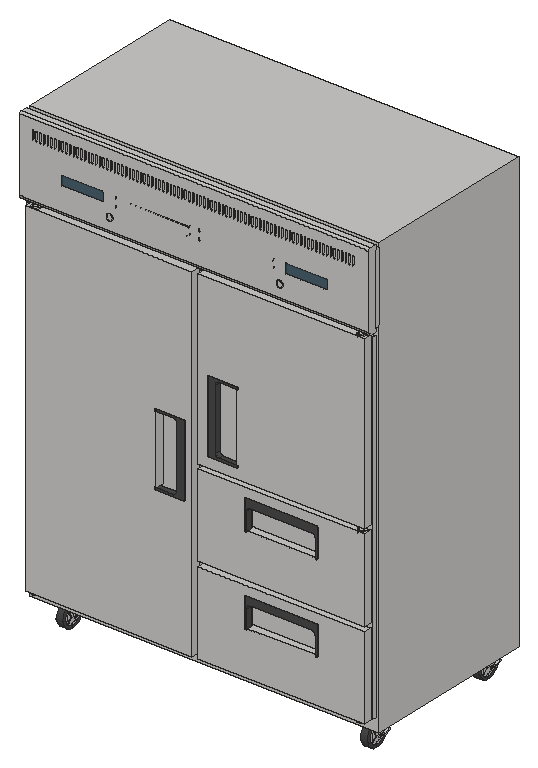
Revit family "QF_EVEREST_ESWQ2D2", category Specialty Equipment, Revit 2015 (continued)
Definition of nested family "5 INCHES 01_CASTER"
  Parameters (values of type "5 INCHES 01_CASTER")
    Weight = ""
    URL Manufacturer = ""
    URL Cutsheet = ""
    URL = ""
    Type Mark [instance] = ""
    Specification by User [instance] = ""
    Specification by Manufacturer = ""
    Show 5" Casters [instance] = yes
    Serial Number = ""
    Seismic Rating = ""
    SMACNA No = ""
    Revision Code [instance] = ""
    Omniclass Number and Title = ""
    NAFEM Spec ID Number = ""
    Model = ""
    MasterSpec. = ""
    Manufacturer = ""
    Key Locks [instance] = yes
    Item Number [instance] = ""
    Installed By [instance] = ""
    Identify Quantity as Lot [instance] = yes
    Furnished By [instance] = ""
    Foodservice Equipment Identifier [instance] = yes
    Description = ""
    CSI MasterFormat = ""
    CSI Master Format = ""
    Assembly Code = ""
  Reference planes
    plane 1: z = 0
    plane 2 "RIGHT": x = 0
    plane 3 "FRONT": y = 0
    plane 4 "TOP": z = 125
  Forms (mm)
    Revolve 1, solid, visible <- "Show 5" Casters"
      sketch origin (-49.224, 25.364, -25.504) x (1, 0, 0) y (0, 0, 1)
        loop
          line (18.81, 76.304) -> (18.81, 74.386) -> (20.08, 73.116) -> (21.604, 73.116) -> (21.604, 70.067) -> (31.369, 70.067) -> (31.369, 65.181) -> (34.939, 63.12) -> (37.88, 44.951) -> (34.131, 44.951) -> (34.131, 38.998) -> (34.925, 38.998) -> (34.925, 25.504) -> (63.103, 25.504) -> (63.103, 38.998) -> (63.897, 38.998) -> (63.897, 44.951) -> (60.148, 44.951) -> (63.103, 63.209) -> (66.659, 65.262) -> (66.659, 70.067) -> (77.218, 70.067) -> (77.218, 73.116) -> (78.742, 73.116) -> (80.012, 74.386) -> (80.012, 76.304) -> (18.81, 76.304)
        axis (18.81, 76.304) -> (80.012, 76.304)
      angle from 0 to 360
    Extrusion 2, solid, visible <- "Show 5" Casters"
      sketch origin (-49.224, 49.87, -19.154) x (0, 1, 0) y (0, 0, 1)
        loop
          line (-85.786, 135.49) -> (-85.786, 125.149) -> (-63.321, 125.149)
          arc (-63.321, 125.149) -> (-37.391, 124.905) -> (-11.779, 120.85) r 175.807
          arc (-11.779, 120.85) -> (3.607, 115.163) -> (17.14, 105.894) r 66.729
          line (17.14, 105.894) -> (20.005, 109.985)
          arc (20.005, 109.985) -> (12.217, 116.012) -> (3.375, 120.348) r 48.686
          line (3.375, 120.348) -> (5.384, 123.823)
          arc (5.384, 123.823) -> (-4.003, 127.534) -> (-13.953, 129.229) r 48.686
          line (-13.953, 129.229) -> (-13.953, 135.49) -> (-85.786, 135.49)
      from 29.809 to 68.639
    Revolve 3, solid, visible <- "Show 5" Casters"
      sketch origin (0, 54.748, -31.75) x (0, 1, 0) y (0, 0, 1)
        loop
          line (-56.335, 156.75) -> (-56.335, 148.085) -> (-26.871, 148.085) -> (-26.871, 156.75) -> (-56.335, 156.75)
        axis (-56.335, 148.085) -> (-56.335, 156.75)
      angle from 0 to 360
    Extrusion 4, solid, visible <- "Show 5" Casters"
      sketch origin (-50.414, 49.87, -19.154) x (0, 1, 0) y (0, 0, 1)
        loop
          line (-85.786, 135.49) -> (-85.786, 125.149) -> (-79.594, 125.149)
          arc (-79.594, 125.149) -> (-54.006, 99.703) -> (-39.582, 66.626) r 96.297
          arc (-39.582, 66.626) -> (-20.695, 54.419) -> (-8.07, 73.029) r 16.082
          arc (-8.07, 73.029) -> (-0.57, 93.403) -> (17.434, 105.537) r 35.307
          line (17.434, 105.537) -> (20.005, 109.985)
          arc (20.005, 109.985) -> (12.217, 116.012) -> (3.375, 120.348) r 48.686
          line (3.375, 120.348) -> (5.384, 123.823)
          arc (5.384, 123.823) -> (-4.003, 127.534) -> (-13.953, 129.229) r 48.686
          line (-13.953, 129.229) -> (-13.953, 135.49) -> (-85.786, 135.49)
      from 69.829 to 73.87
    Extrusion 5, solid, visible <- "Show 5" Casters"
      sketch origin (50.414, 49.87, -19.154) x (0, 1, 0) y (0, 0, -1)
        loop
          line (-85.786, -135.49) -> (-13.953, -135.49) -> (-13.953, -129.229)
          arc (-13.953, -129.229) -> (-4.003, -127.534) -> (5.384, -123.823) r 48.686
          line (5.384, -123.823) -> (3.375, -120.348)
          arc (3.375, -120.348) -> (12.217, -116.012) -> (20.005, -109.985) r 48.686
          line (20.005, -109.985) -> (17.434, -105.537)
          arc (17.434, -105.537) -> (-0.57, -93.403) -> (-8.07, -73.029) r 35.307
          arc (-8.07, -73.029) -> (-20.695, -54.419) -> (-39.582, -66.626) r 16.082
          arc (-39.582, -66.626) -> (-54.006, -99.703) -> (-79.594, -125.149) r 96.297
          line (-79.594, -125.149) -> (-85.786, -125.149) -> (-85.786, -135.49)
      from 69.829 to 73.87
    Extrusion 6, solid, visible <- "Key Locks"
      sketch origin (-24.606, 52.001, -14.628) x (0, 1, 0) y (0, 0, -1)
        loop
          line (-65.658, -51.806) -> (-48.06, -61.966) -> (-38.931, -67.237)
          arc (-38.931, -67.237) -> (-36.934, -70.238) -> (-35.227, -73.414) r 38.511
          arc (-35.227, -73.414) -> (-28.855, -79.511) -> (-20.232, -81.358) r 16.169
          arc (-20.232, -81.358) -> (-17.043, -81.321) -> (-13.877, -81.702) r 24.356
          line (-13.877, -81.702) -> (5.921, -93.132) -> (10.917, -84.478)
          arc (10.917, -84.478) -> (11.804, -78.832) -> (8.674, -74.049) r 7.95
          line (8.674, -74.049) -> (5.356, -77.367)
          arc (5.356, -77.367) -> (6.116, -79.837) -> (3.628, -80.537) r 1.806
          line (3.628, -80.537) -> (-13.41, -70.697)
          arc (-13.41, -70.697) -> (-15.803, -63.781) -> (-9.299, -60.428) r 5.588
          arc (-9.299, -60.428) -> (-8.725, -59.868) -> (-8.601, -59.076) r 1.27
          arc (-8.601, -59.076) -> (-12.712, -53.586) -> (-19.178, -51.298) r 11.834
          line (-19.178, -51.298) -> (-37.992, -51.298)
          arc (-37.992, -51.298) -> (-40.049, -51.027) -> (-41.967, -50.233) r 7.95
          line (-41.967, -50.233) -> (-52.169, -44.343)
          arc (-52.169, -44.343) -> (-58.202, -43.549) -> (-63.029, -47.253) r 7.95
          line (-63.029, -47.253) -> (-65.658, -51.806)
      from 0 to 1.588
    Extrusion 7, solid, visible <- "Key Locks"
      sketch origin (-24.606, 52.001, -14.628) x (0, 1, 0) y (0, 0, -1)
        loop
          line (-11.606, -67.574) -> (11.954, -81.173)
          arc (11.954, -81.173) -> (11.253, -77.179) -> (8.674, -74.049) r 7.95
          line (8.674, -74.049) -> (-9.311, -64.367)
          arc (-9.311, -64.367) -> (-12.227, -64.705) -> (-11.606, -67.574) r 1.981
      from 0 to 12.7
    Extrusion 8, solid, visible <- "Key Locks"
      sketch origin (24.606, 52.001, -14.628) x (0, 1, 0) y (0, 0, 1)
        loop
          line (-65.658, 51.806) -> (-63.029, 47.253)
          arc (-63.029, 47.253) -> (-58.202, 43.549) -> (-52.169, 44.343) r 7.95
          line (-52.169, 44.343) -> (-41.967, 50.233)
          arc (-41.967, 50.233) -> (-40.049, 51.027) -> (-37.992, 51.298) r 7.95
          line (-37.992, 51.298) -> (-19.178, 51.298)
          arc (-19.178, 51.298) -> (-12.712, 53.586) -> (-8.601, 59.076) r 11.834
          arc (-8.601, 59.076) -> (-8.725, 59.868) -> (-9.299, 60.428) r 1.27
          arc (-9.299, 60.428) -> (-15.803, 63.781) -> (-13.41, 70.697) r 5.588
          line (-13.41, 70.697) -> (3.628, 80.537)
          arc (3.628, 80.537) -> (6.116, 79.837) -> (5.356, 77.367) r 1.806
          line (5.356, 77.367) -> (8.674, 74.049)
          arc (8.674, 74.049) -> (11.804, 78.832) -> (10.917, 84.478) r 7.95
          line (10.917, 84.478) -> (5.921, 93.132) -> (-13.877, 81.702)
          arc (-13.877, 81.702) -> (-17.043, 81.321) -> (-20.232, 81.358) r 24.356
          arc (-20.232, 81.358) -> (-28.855, 79.511) -> (-35.227, 73.414) r 16.169
          arc (-35.227, 73.414) -> (-36.934, 70.238) -> (-38.931, 67.237) r 38.511
          line (-38.931, 67.237) -> (-48.06, 61.966) -> (-65.658, 51.806)
      from 0 to 1.588
    Extrusion 9, solid, visible <- "Key Locks"
      sketch origin (24.606, 52.001, -14.628) x (0, 1, 0) y (0, 0, 1)
        loop
          arc (-11.606, 67.574) -> (-12.227, 64.705) -> (-9.311, 64.367) r 1.981
          line (-9.311, 64.367) -> (8.674, 74.049)
          arc (8.674, 74.049) -> (11.253, 77.179) -> (11.954, 81.173) r 7.95
          line (11.954, 81.173) -> (-11.606, 67.574)
      from 0 to 12.7
  Cuts and joins
    joined: Extrusion 2, Extrusion 4, Extrusion 5
  Lines and regions (mm)
    symbolic lines, visible <- "Show 5" Casters"
      curve 1: line (13.783, 56.222, 0) -> (38.186, 42.133, 0)
      curve 2: line (-37.017, -31.766, 0) -> (-17.967, 1.23, 0)
      curve 3: line (-12.614, -45.855, 0) -> (-37.017, -31.766, 0)
      curve 4: line (38.186, 42.133, 0) -> (19.136, 9.138, 0)
      curve 5: line (-5.267, 23.227, 0) -> (13.783, 56.222, 0)
      curve 6: line (6.436, -12.859, 0) -> (-12.614, -45.855, 0)
  Dimensions and locks
    plane 4 "TOP" to level = 125 mm  (x2)
    aligned and locked: level to plane 1
